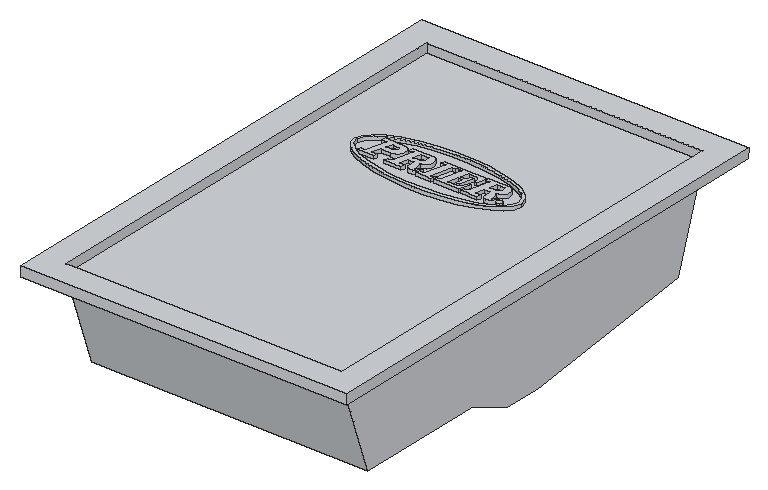
Revit family "Prier C-155BX", category Plumbing Fixtures, host Face, Revit 2012
Parameters (values of type "1/2" Inlet")
  Waste Connection = no
  Vent Connection = no
  URL = "http://www.prier.com/content/spec-sheets.html"
  Type Comments = if(Satin Nickel Plated, "Satin Nickel Plated", if(Rough Brass, "Rough Brass", "Custom"))  # "Satin Nickel Plated"
  Satin Nickel Plated = yes
  Rough Brass = no
  Model = "C-155BX"
  Manufacturer = "Prier"
  Inlet Radius = Inlet Size / 2  # 0' - 0 1/4"
  Inlet Size = 1/2"
  HW Connection = no
  Default Elevation = 2' - 0"
  Custom = no
  Code Standards = "ASSE 1019, ASSE 1052, & CUPC"
  Code Listings = "ASSE. CUPC, & IAPMO"
  CW Connection = yes
Types (3): name | Inlet Radius | Inlet Size
  (no name) | 0' - 0 1/4" | 1/2"
  3/4" Inlet | 0' - 0 3/8" | 3/4"
  1/2" Inlet | 0' - 0 1/4" | 1/2"
Reference planes (in)
  plane 1 "Center (Front/Back)": y = 0
  plane 2: z = 0
  plane 3 "Center (Left/Right)": x = 0
Forms (in)
  Extrusion 1, solid
    sketch origin (0, -2, 0) x (1, 0, 0) y (0, 1, 0)
      loop
        line (-3.25, 7) -> (-3.25, -3) -> (3.25, -3) -> (3.25, 7) -> (-3.25, 7)
      loop
        line (-2.75, 6.5) -> (-2.75, -2.5) -> (2.75, -2.5) -> (2.75, 6.5) -> (-2.75, 6.5)
    from 0 to 0.187
  Extrusion 2, solid
    sketch origin (1.125, 0, -2.25) x (-1, 0, 0) y (0, -1, 0)
      loop
        circle (1.125, 0) r 0.25
    from 0 to -0.19156
  Extrusion 3, solid
    sketch origin (-35.54139, -180, 0.187) x (-1, 0, 0) y (0, -1, 0)
      loop
        spline (-33.87481, -181.33852) -> (-33.9316, -181.17215) -> (-34.09809, -181.01711) -> (-34.36294, -180.88398) -> (-34.7081, -180.78182) -> (-35.11005, -180.7176) -> (-35.54139, -180.6957) -> (-35.97274, -180.7176) -> (-36.37469, -180.78182) -> (-36.71985, -180.88398) -> (-36.9847, -181.01711) -> (-37.15119, -181.17215) -> (-37.20798, -181.33852)
        spline (-37.20798, -181.33852) -> (-37.15119, -181.5049) -> (-36.9847, -181.65994) -> (-36.71985, -181.79307) -> (-36.37469, -181.89523) -> (-35.97274, -181.95945) -> (-35.54139, -181.98135) -> (-35.11005, -181.95945) -> (-34.7081, -181.89523) -> (-34.36294, -181.79307) -> (-34.09809, -181.65994) -> (-33.9316, -181.5049) -> (-33.87481, -181.33852)
      loop
        spline (-33.93155, -181.33852) -> (-33.98641, -181.18875) -> (-34.14723, -181.04919) -> (-34.40307, -180.92934) -> (-34.73647, -180.83738) -> (-35.12474, -180.77957) -> (-35.54139, -180.75986) -> (-35.95805, -180.77957) -> (-36.34631, -180.83738) -> (-36.67972, -180.92934) -> (-36.93555, -181.04919) -> (-37.09638, -181.18875) -> (-37.15123, -181.33852)
        spline (-37.15123, -181.33852) -> (-37.09638, -181.48829) -> (-36.93555, -181.62786) -> (-36.67972, -181.7477) -> (-36.34631, -181.83967) -> (-35.95805, -181.89748) -> (-35.54139, -181.91719) -> (-35.12474, -181.89748) -> (-34.73647, -181.83967) -> (-34.40307, -181.7477) -> (-34.14723, -181.62786) -> (-33.98641, -181.48829) -> (-33.93155, -181.33852)
      loop
        circle (-36.91697, -181.1465) r 0.05628
      loop
        line (-36.18825, -181.08476) -> (-36.52242, -181.08476) -> (-36.54066, -181.1579) -> (-36.43946, -181.1579) -> (-36.4792, -181.31727) -> (-36.5866, -181.31727)
        spline (-36.5866, -181.31727) -> (-36.61186, -181.29955) -> (-36.61561, -181.26809) -> (-36.61179, -181.22622) -> (-36.60969, -181.18327) -> (-36.61654, -181.14782) -> (-36.63272, -181.12153) -> (-36.65656, -181.10402) -> (-36.6862, -181.09521) -> (-36.71924, -181.0959) -> (-36.75382, -181.10805) -> (-36.79471, -181.14377) -> (-36.85068, -181.22115)
        line (-36.85068, -181.22115) -> (-36.8071, -181.22115)
        spline (-36.8071, -181.22115) -> (-36.80038, -181.21104) -> (-36.79353, -181.20124) -> (-36.78668, -181.19202) -> (-36.77999, -181.18361) -> (-36.77357, -181.17626) -> (-36.76757, -181.17022) -> (-36.76212, -181.16574) -> (-36.75736, -181.16306) -> (-36.75342, -181.16243) -> (-36.75044, -181.1641) -> (-36.74856, -181.16832) -> (-36.7479, -181.17533)
        spline (-36.7479, -181.17533) -> (-36.7487, -181.19284) -> (-36.7486, -181.20964) -> (-36.74761, -181.22574) -> (-36.74573, -181.24112) -> (-36.74294, -181.25578) -> (-36.73926, -181.26974) -> (-36.73469, -181.28298) -> (-36.72922, -181.29552) -> (-36.72285, -181.30734) -> (-36.71559, -181.31844) -> (-36.70743, -181.32884) -> (-36.69837, -181.33852)
        arc (-36.69837, -181.33852) -> (-36.85806, -181.46622) -> (-36.73975, -181.63298) r 0.14892
        line (-36.73975, -181.63298) -> (-36.32494, -181.63298) -> (-36.3067, -181.55984) -> (-36.40157, -181.55984) -> (-36.30135, -181.1579) -> (-36.20649, -181.1579) -> (-36.18825, -181.08476)
      loop
        line (-35.65096, -181.08476) -> (-36.15739, -181.08476) -> (-36.21536, -181.31727) -> (-36.17154, -181.31727)
        spline (-36.17154, -181.31727) -> (-36.16985, -181.29822) -> (-36.16651, -181.28022) -> (-36.16152, -181.26327) -> (-36.15488, -181.24736) -> (-36.1466, -181.23251) -> (-36.13667, -181.2187) -> (-36.12509, -181.20595) -> (-36.11187, -181.19424) -> (-36.09699, -181.18358) -> (-36.08047, -181.17397) -> (-36.0623, -181.16541) -> (-36.04248, -181.1579)
        line (-36.04248, -181.1579) -> (-35.88542, -181.1579) -> (-35.93263, -181.34726) -> (-36.00217, -181.34726)
        arc (-36.00217, -181.34726) -> (-36.01981, -181.29074) -> (-36.00217, -181.23421) r 0.09936
        line (-36.00217, -181.23421) -> (-36.06271, -181.23421) -> (-36.12731, -181.49334) -> (-36.08105, -181.49334)
        arc (-36.08105, -181.49334) -> (-36.06181, -181.44383) -> (-36.02187, -181.40882) r 0.11161
        line (-36.02187, -181.40882) -> (-35.94798, -181.40882) -> (-35.98563, -181.55984) -> (-36.15961, -181.55984)
        arc (-36.15961, -181.55984) -> (-36.20391, -181.49776) -> (-36.19814, -181.4217) r 0.11192
        line (-36.19814, -181.4217) -> (-36.2414, -181.4217) -> (-36.29408, -181.63298) -> (-35.78765, -181.63298) -> (-35.76941, -181.55984) -> (-35.84113, -181.55984) -> (-35.74091, -181.1579) -> (-35.6692, -181.1579) -> (-35.65096, -181.08476)
      loop
        line (-35.43698, -181.63298) -> (-35.41874, -181.55984) -> (-35.51052, -181.55984) -> (-35.41031, -181.1579) -> (-35.31853, -181.1579) -> (-35.30029, -181.08476) -> (-35.60872, -181.08476) -> (-35.62696, -181.1579) -> (-35.54498, -181.1579) -> (-35.6452, -181.55984) -> (-35.72717, -181.55984) -> (-35.74541, -181.63298) -> (-35.43698, -181.63298)
      loop
        line (-36.69516, -181.55984) -> (-36.53968, -181.55984) -> (-36.5042, -181.41756) -> (-36.65165, -181.41756)
        arc (-36.65165, -181.41756) -> (-36.71439, -181.47617) -> (-36.69516, -181.55984) r 0.08599
      loop
        line (-34.66338, -181.08476) -> (-34.99755, -181.08476) -> (-35.01579, -181.1579) -> (-34.91459, -181.1579) -> (-34.95433, -181.31727) -> (-35.06173, -181.31727)
        spline (-35.06173, -181.31727) -> (-35.08699, -181.29955) -> (-35.09074, -181.26809) -> (-35.08692, -181.22622) -> (-35.08482, -181.18327) -> (-35.09167, -181.14782) -> (-35.10785, -181.12153) -> (-35.13169, -181.10402) -> (-35.16133, -181.09521) -> (-35.19437, -181.0959) -> (-35.22895, -181.10805) -> (-35.26984, -181.14377) -> (-35.32581, -181.22115)
        line (-35.32581, -181.22115) -> (-35.28223, -181.22115)
        spline (-35.28223, -181.22115) -> (-35.27551, -181.21104) -> (-35.26866, -181.20124) -> (-35.26181, -181.19202) -> (-35.25512, -181.18361) -> (-35.2487, -181.17626) -> (-35.2427, -181.17022) -> (-35.23725, -181.16574) -> (-35.23249, -181.16306) -> (-35.22855, -181.16243) -> (-35.22557, -181.1641) -> (-35.22369, -181.16832) -> (-35.22303, -181.17533)
        spline (-35.22303, -181.17533) -> (-35.22383, -181.19284) -> (-35.22373, -181.20964) -> (-35.22274, -181.22574) -> (-35.22086, -181.24112) -> (-35.21807, -181.25578) -> (-35.21439, -181.26974) -> (-35.20982, -181.28298) -> (-35.20435, -181.29552) -> (-35.19798, -181.30734) -> (-35.19072, -181.31844) -> (-35.18256, -181.32884) -> (-35.1735, -181.33852)
        arc (-35.1735, -181.33852) -> (-35.33319, -181.46622) -> (-35.21488, -181.63298) r 0.14892
        line (-35.21488, -181.63298) -> (-34.80007, -181.63298) -> (-34.78183, -181.55984) -> (-34.8767, -181.55984) -> (-34.77648, -181.1579) -> (-34.68161, -181.1579) -> (-34.66338, -181.08476)
      loop
        line (-35.17029, -181.55984) -> (-35.01481, -181.55984) -> (-34.97933, -181.41756) -> (-35.12678, -181.41756)
        arc (-35.12678, -181.41756) -> (-35.18952, -181.47617) -> (-35.17029, -181.55984) r 0.08599
      loop
        line (-34.1212, -181.08476) -> (-34.45537, -181.08476) -> (-34.47361, -181.1579) -> (-34.37241, -181.1579) -> (-34.41215, -181.31727) -> (-34.59399, -181.31727)
        arc (-34.59399, -181.31727) -> (-34.78086, -181.43835) -> (-34.6727, -181.63298) r 0.16306
        line (-34.6727, -181.63298) -> (-34.25788, -181.63298) -> (-34.23965, -181.55984) -> (-34.33452, -181.55984) -> (-34.2343, -181.1579) -> (-34.13943, -181.1579) -> (-34.1212, -181.08476)
      loop
        line (-34.6281, -181.55984) -> (-34.47263, -181.55984) -> (-34.43715, -181.41756) -> (-34.5846, -181.41756)
        arc (-34.5846, -181.41756) -> (-34.64734, -181.47617) -> (-34.6281, -181.55984) r 0.08599
    from 0 to 0.0625
  Extrusion 4, solid
    sketch origin (0, 0, 0) x (0, 1, 0) y (0, 0, 1)
      loop
        line (0.375, -2.25) -> (3.85967, -1.80736) -> (4.5, 0) -> (-4.5, 0) -> (-3.84266, -1.85537) -> (-1.24501, -1.85537) -> (-0.375, -2.25) -> (0.375, -2.25)
    from -2.75 to 2.75
Lines and regions (in)
  symbolic lines, style "PlumbingFixtures", detail levels fine
    curve 1: line (-3.25, 0, 0.187) -> (3.25, 0, 0.187)
    curve 2: line (3.25, 0, 0.187) -> (3.25, 0, 0)
    curve 3: line (3.25, 0, 0) -> (2.75, 0, 0)
    curve 4: line (2.75, 0, 0) -> (2.75, 0, -2.25)
    curve 5: line (-0.375, 0, -2.25) -> (-2.75, 0, -2.25)
    curve 6: line (-2.75, 0, -2.25) -> (-2.75, 0, 0)
    curve 7: line (-2.75, 0, 0) -> (-3.25, 0, 0)
    curve 8: line (-3.25, 0, 0) -> (-3.25, 0, 0.187)
    curve 9: line (-0.375, 0, -2.25) -> (-0.375, 0, -2.44156)
    curve 10: line (-0.375, 0, -2.44156) -> (0.375, 0, -2.44156)
    curve 11: line (0.375, 0, -2.44156) -> (0.375, 0, -2.25)
    curve 12: line (-0.375, 0, -2.25) -> (2.75, 0, -2.25)
  symbolic lines, detail levels coarse+medium
    curve 13: line (0, 0, 9.30462) -> (0, 0, 0)
    curve 14: line (-2.25, 0, 6.6875) -> (2.25, 0, 6.6875)
    curve 16: line (0, 0, -2.44156) -> (0, 0, 0)
  symbolic lines, not visible, detail levels coarse+medium
    curve 15: line (2.25, 6.90231, 0) -> (2.25, 2.40231, 0)
Dimensions and locks (in)
  "Inlet Radius": radius of Extrusion 2 sketch curve
  aligned and locked: plane 2 to host face
  aligned and locked: level to host face
  aligned and locked: Extrusion 1 to level
  aligned and locked: plane 1 "Center (Front/Back)" to Extrusion 2 sketch curve
  aligned and locked: Extrusion 4 to Extrusion 1  (x2)
Automatic sketch dimensions
  host sketch curve to host sketch curve = 8' - 0"  (x2)
  Extrusion 3 sketch curve to plane 3 "Center (Left/Right)" = 0' - 0"  (x2)
  plane 3 "Center (Left/Right)" to Extrusion 3 sketch curve = 0' - 0.00359"
  plane 3 "Center (Left/Right)" to Extrusion 3 sketch curve = 0' - 0.06733"
  Extrusion 3 sketch curve to Extrusion 3 sketch curve = 0' - 0.01824"  (x12)
  plane 3 "Center (Left/Right)" to Extrusion 3 sketch curve = 0' - 0.1038"
  Extrusion 3 sketch curve to Extrusion 3 sketch curve = 0' - 0.04224"  (x4)
  Extrusion 3 sketch curve to Extrusion 3 sketch curve = 0' - 0.08198"
  Extrusion 3 sketch curve to Extrusion 3 sketch curve = 0' - 0.07172"  (x2)
  Extrusion 3 sketch curve to Extrusion 3 sketch curve = 0' - 0.14451"
  Extrusion 3 sketch curve to Extrusion 3 sketch curve = 0' - 0.03503"
  Extrusion 3 sketch curve to Extrusion 3 sketch curve = 0' - 0.01218"
  Extrusion 3 sketch curve to Extrusion 3 sketch curve = 0' - 0.01535"
  Extrusion 3 sketch curve to Extrusion 3 sketch curve = 0' - 0.02241"
  Extrusion 3 sketch curve to Extrusion 3 sketch curve = 0' - 0.01525"
  Extrusion 3 sketch curve to Extrusion 3 sketch curve = 0' - 0.06954"
  Extrusion 3 sketch curve to Extrusion 3 sketch curve = 0' - 0.08172"
  Extrusion 3 sketch curve to Extrusion 3 sketch curve = 0' - 0.01971"
  Extrusion 3 sketch curve to Extrusion 3 sketch curve = 0' - 0.04032"
  Extrusion 3 sketch curve to Extrusion 3 sketch curve = 0' - 0.06054"
  Extrusion 3 sketch curve to Extrusion 3 sketch curve = 0' - 0.05918"
  Extrusion 3 sketch curve to Extrusion 3 sketch curve = 0' - 0.01505"
  Extrusion 3 sketch curve to Extrusion 3 sketch curve = 0' - 0.03121"
  Extrusion 3 sketch curve to Extrusion 3 sketch curve = 0' - 0.1149"
  Extrusion 3 sketch curve to Extrusion 3 sketch curve = 0' - 0.03229"
  Extrusion 3 sketch curve to Extrusion 3 sketch curve = 0' - 0.10883"
  Extrusion 3 sketch curve to Extrusion 3 sketch curve = 0' - 0.03086"  (x2)
  Extrusion 3 sketch curve to Extrusion 3 sketch curve = 0' - 0.07083"
  Extrusion 3 sketch curve to Extrusion 3 sketch curve = 0' - 0.04382"
  Extrusion 3 sketch curve to Extrusion 3 sketch curve = 0' - 0.04326"
  Extrusion 3 sketch curve to Extrusion 3 sketch curve = 0' - 0.13447"
  Extrusion 3 sketch curve to Extrusion 3 sketch curve = 0' - 0.09487"  (x4)
  Extrusion 3 sketch curve to Extrusion 3 sketch curve = 0' - 0.01263"
  Extrusion 3 sketch curve to Extrusion 3 sketch curve = 0' - 0.13811"  (x6)
  Extrusion 3 sketch curve to Extrusion 3 sketch curve = 0' - 0.03974"
  Extrusion 3 sketch curve to Extrusion 3 sketch curve = 0' - 0.02501"  (x3)
  Extrusion 3 sketch curve to Extrusion 3 sketch curve = 0' - 0.08296"
  Extrusion 3 sketch curve to Extrusion 3 sketch curve = 0' - 0.1074"
  Extrusion 3 sketch curve to Extrusion 3 sketch curve = 0' - 0.09247"  (x3)
  Extrusion 3 sketch curve to Extrusion 3 sketch curve = 0' - 0.0195"
  Extrusion 3 sketch curve to Extrusion 3 sketch curve = 0' - 0.063"
  Extrusion 3 sketch curve to Extrusion 3 sketch curve = 0' - 0.04672"
  Extrusion 3 sketch curve to Extrusion 3 sketch curve = 0' - 0.01543"  (x2)
  Extrusion 3 sketch curve to Extrusion 3 sketch curve = 0' - 0.0446"  (x2)
  Extrusion 3 sketch curve to Extrusion 3 sketch curve = 0' - 0.04953"
  Extrusion 3 sketch curve to Extrusion 3 sketch curve = 0' - 0.05921"  (x2)
  Extrusion 3 sketch curve to Extrusion 3 sketch curve = 0' - 0.04357"  (x2)
  Extrusion 3 sketch curve to Extrusion 3 sketch curve = 0' - 0.0663"
  Extrusion 3 sketch curve to plane 3 "Center (Left/Right)" = 0' - 0.03087"
  Extrusion 3 sketch curve to Extrusion 3 sketch curve = 0' - 0.07354"
  Extrusion 3 sketch curve to plane 3 "Center (Left/Right)" = 0' - 0.13109"
  Extrusion 3 sketch curve to Extrusion 3 sketch curve = 0' - 0.0845"
  Extrusion 3 sketch curve to Extrusion 3 sketch curve = 0' - 0.00728"
  Extrusion 3 sketch curve to Extrusion 3 sketch curve = 0' - 0.20386"
  Extrusion 3 sketch curve to Extrusion 3 sketch curve = 0' - 0.02917"
  Extrusion 3 sketch curve to Extrusion 3 sketch curve = 0' - 0.01222"
  Extrusion 3 sketch curve to Extrusion 3 sketch curve = 0' - 0.05893"
  Extrusion 3 sketch curve to Extrusion 3 sketch curve = 0' - 0.07843"
  Extrusion 3 sketch curve to Extrusion 3 sketch curve = 0' - 0.11177"
  Extrusion 3 sketch curve to Extrusion 3 sketch curve = 0' - 0.04594"
  Extrusion 3 sketch curve to Extrusion 3 sketch curve = 0' - 0.08239"
  Extrusion 3 sketch curve to Extrusion 3 sketch curve = 0' - 0.10119"  (x2)
  Extrusion 3 sketch curve to Extrusion 3 sketch curve = 0' - 0.07663"  (x2)
  Extrusion 3 sketch curve to Extrusion 3 sketch curve = 0' - 0.12736"
  Extrusion 3 sketch curve to Extrusion 3 sketch curve = 0' - 0.00546"
  Extrusion 3 sketch curve to Extrusion 3 sketch curve = 0' - 0.02865"
  Extrusion 3 sketch curve to Extrusion 3 sketch curve = 0' - 0.03804"
  Extrusion 3 sketch curve to Extrusion 3 sketch curve = 0' - 0.05754"
  Extrusion 3 sketch curve to Extrusion 3 sketch curve = 0' - 0.20788"
  Extrusion 3 sketch curve to Extrusion 3 sketch curve = 0' - 0.05675"
  Extrusion 3 sketch curve to Extrusion 3 sketch curve = 0' - 0"  (x7)
  Extrusion 3 sketch curve to Extrusion 3 sketch curve = 0' - 0.07314"  (x15)
  Extrusion 3 sketch curve to Extrusion 3 sketch curve = 0' - 0.05199"
  Extrusion 3 sketch curve to Extrusion 3 sketch curve = 0' - 0.05853"  (x3)
  Extrusion 3 sketch curve to Extrusion 3 sketch curve = 0' - 0.0665"
  Extrusion 3 sketch curve to Extrusion 3 sketch curve = 0' - 0.0729"  (x2)
  Extrusion 3 sketch curve to Extrusion 3 sketch curve = 0' - 0.02352"
  Extrusion 3 sketch curve to Extrusion 3 sketch curve = 0' - 0.02565"
  Extrusion 3 sketch curve to Extrusion 3 sketch curve = 0' - 0.06156"
  Extrusion 3 sketch curve to Extrusion 3 sketch curve = 0' - 0.22132"
  Extrusion 3 sketch curve to Extrusion 3 sketch curve = 0' - 0.10029"
  Extrusion 3 sketch curve to Extrusion 3 sketch curve = 0' - 0.02125"
  Extrusion 3 sketch curve to Extrusion 3 sketch curve = 0' - 0.10444"
  Extrusion 3 sketch curve to Extrusion 3 sketch curve = 0' - 0.05653"
  Extrusion 3 sketch curve to Extrusion 3 sketch curve = 0' - 0.11737"  (x2)
  Extrusion 3 sketch curve to Extrusion 3 sketch curve = 0' - 0.04583"  (x2)
  Extrusion 3 sketch curve to Extrusion 3 sketch curve = 0' - 0.06325"
  Extrusion 3 sketch curve to Extrusion 3 sketch curve = 0' - 0.15937"  (x5)
  Extrusion 3 sketch curve to Extrusion 3 sketch curve = 0' - 0.18062"
  Extrusion 3 sketch curve to Extrusion 3 sketch curve = 0' - 0.13284"
  Extrusion 3 sketch curve to Extrusion 3 sketch curve = 0' - 0.07465"
  Extrusion 1 sketch curve to plane 1 "Center (Front/Back)" = 0' - 4 1/2"
  Extrusion 1 sketch curve to Extrusion 1 sketch curve = 0' - 0 1/2"  (x4)
  Extrusion 3 sketch curve to plane 1 "Center (Front/Back)" = 0' - 1.63298"
  plane 1 "Center (Front/Back)" to Extrusion 1 sketch curve = 0' - 4 1/2"
  Extrusion 1 sketch curve to plane 3 "Center (Left/Right)" = 0' - 2 3/4"
  Extrusion 2 sketch curve to plane 3 "Center (Left/Right)" = 0' - 0"
  Extrusion 3 sketch curve to Extrusion 3 sketch curve = 0' - 0.12038"
  Extrusion 3 sketch curve to Extrusion 3 sketch curve = 0' - 0.03548"
  plane 3 "Center (Left/Right)" to Extrusion 1 sketch curve = 0' - 2 3/4"
  curve 14 to curve 13 = 0' - 2 1/4"
  curve 13 to curve 14 = 0' - 2 1/4"
  curve 14 to curve 13 = 0' - 2.61712"
  curve 13 to curve 14 = 0' - 6 11/16"
  curve 8 to level = 0' - 0"
  curve 16 to level = 0' - 0"
  curve 3 to level = 0' - 0"
  level to curve 1 = 0' - 0.187"
  curve 1 to plane 3 "Center (Left/Right)" = 0' - 3 1/4"
  curve 7 to curve 5 = 0' - 0 1/2"
  curve 5 to curve 9 = 0' - 2 3/8"
  curve 16 to plane 3 "Center (Left/Right)" = 0' - 0"
  curve 16 to curve 11 = 0' - 0 3/8"
  plane 3 "Center (Left/Right)" to curve 4 = 0' - 2 3/4"
  curve 3 to curve 2 = 0' - 0 1/2"
  curve 11 to level = 0' - 2 1/4"
  curve 11 to curve 11 = 0' - 0.19156"
  Extrusion 4 sketch curve to level = 0' - 0"
  plane 1 "Center (Front/Back)" to Extrusion 4 sketch curve = 0' - 4 1/2"
  Extrusion 4 sketch curve to Extrusion 4 sketch curve = 0' - 0.65734"
  plane 1 "Center (Front/Back)" to Extrusion 4 sketch curve = 0' - 1.24501"
  plane 1 "Center (Front/Back)" to Extrusion 4 sketch curve = 0' - 0 3/8"
  Extrusion 4 sketch curve to plane 1 "Center (Front/Back)" = 0' - 0 3/8"
  Extrusion 4 sketch curve to level = 0' - 1.80736"
  Extrusion 4 sketch curve to Extrusion 4 sketch curve = 0' - 3.48467"
  Extrusion 4 sketch curve to Extrusion 4 sketch curve = 0' - 0.64033"
  Extrusion 4 sketch curve to level = 0' - 1.85537"
  Extrusion 4 sketch curve to Extrusion 4 sketch curve = 0' - 0.39463"
  radius of Extrusion 3 sketch curve = 0' - 0.05628"
Connectors (in)
  piping at (0, 0, -2.44156), driven by "Inlet Radius"
    settings: on Extrusion 2, index 1, connector radius 1/4", flow factor 0, pipe flow 0 GPM, pressure drop 0.00 psi, fitting loss kfactor 0, connector angle 0.00°, fixture units 0, engagement length 0' - 0", flow configuration 0, flow direction 1, fitting loss method 0, system type 20, joint type 0, gender type 0, connector reference index -1, connector utility 0, adjustable connector no, is connector primary yes, fitting loss table "", connector description "Cold Water Inlet"
